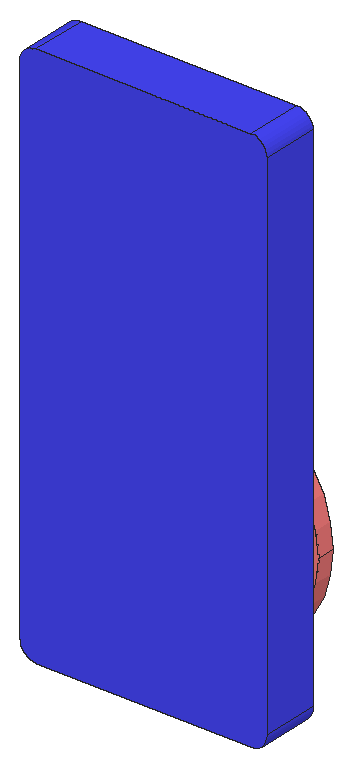
Revit family "Building-IEC309Connections-GEWISS-67IB-INTERLOCKED-SOCKET-OUTLETS_IP67_WITHOUT_BOTTOM_MOD", category Apparecchi elettrici, host Muro, Revit 2016 (continued)
Definition of nested family "2D - IB PRESE INTERBLOC VERT IP67"
  Lines and regions (mm)
    model lines, in view "Livello rif."
      curve 264: line (1.435, 152.758, 0) -> (-0.604, 152.294, 0)
      curve 265: line (-0.604, 152.294, 0) -> (1.43, 151.875, 0)
      curve 266: line (1.43, 151.875, 0) -> (1.426, 151.046, 0)
      curve 267: line (1.426, 151.046, 0) -> (-0.834, 150.531, 0)
      curve 268: line (-0.834, 150.531, 0) -> (-0.839, 149.641, 0)
      curve 269: line (0.632, 148.911, 0) -> (0.286, 148.913, 0)
      curve 270: line (0.286, 148.913, 0) -> (0.294, 150.342, 0)
      curve 271: line (0.294, 150.342, 0) -> (-0.489, 150.346, 0)
      curve 272: line (-0.489, 150.346, 0) -> (-0.497, 148.917, 0)
      curve 273: line (-0.497, 148.917, 0) -> (-0.843, 148.919, 0)
      curve 274: line (-0.843, 148.919, 0) -> (-0.841, 149.295, 0)
      curve 275: line (-0.841, 149.295, 0) -> (-1.623, 149.299, 0)
      curve 276: line (-1.623, 149.299, 0) -> (-1.63, 148.065, 0)
      curve 277: line (-1.63, 148.065, 0) -> (1.41, 148.049, 0)
      curve 278: line (1.41, 148.049, 0) -> (1.422, 150.336, 0)
      curve 279: line (1.422, 150.336, 0) -> (0.64, 150.34, 0)
      curve 280: line (0.64, 150.34, 0) -> (0.632, 148.911, 0)
      curve 281: line (-1.636, 146.945, 0) -> (-1.631, 147.719, 0)
      curve 282: line (-1.631, 147.719, 0) -> (-0.849, 147.715, 0)
      curve 283: line (-0.849, 147.715, 0) -> (-0.856, 146.511, 0)
      curve 284: line (-0.856, 146.511, 0) -> (0.619, 146.503, 0)
      curve 285: line (0.619, 146.503, 0) -> (0.621, 146.849, 0)
      curve 286: line (0.621, 146.849, 0) -> (-0.508, 146.855, 0)
      curve 287: line (-0.508, 146.855, 0) -> (-0.503, 147.713, 0)
      curve 288: line (-0.503, 147.713, 0) -> (1.408, 147.703, 0)
      curve 289: line (1.408, 147.703, 0) -> (1.404, 146.934, 0)
      curve 290: line (1.443, 154.293, 0) -> (1.447, 155.075, 0)
      curve 291: line (1.447, 155.075, 0) -> (-0.463, 155.086, 0)
      curve 292: line (-0.463, 155.086, 0) -> (-0.468, 154.303, 0)
      curve 293: line (-0.468, 154.303, 0) -> (1.443, 154.293, 0)
Types (18, lengths in mm): name | Tipo Simbolo | Technical sheet | Reference h | Rated voltage: | Rated voltage | Rated current (In) | Rated current (A) | Presa | Potenza | Numero poli | Number of poles | No. of poles | Modello | Immagine tipo | IDT | EAN code | Descrizione | Colour: | Colour
  GW66151N - 2P+E16A110V V.INT.SOCK.O.NB.4H MT60 IP67 | PRESAINDSTAGNA : 2P | "https://www.gewiss.com/ww/en/search?q=GW66151N" | "4" | "100 - 130 V" | "100 - 130 V" | "16" | "16" | GEWISS - GIALLO | 110 V | 2 | "2P+E" | "2P+E" | "GW66151N" | GW66151N.jpg | "280c487e-d6da-43be-8d9a-56c276f510c0" | "8011564740969" | "2P+E16A110V V.INT.SOCK.O.NB.4H MT60 IP67" | "Yellow" | "Yellow"
  GW66152N - 3P+E16A110V V.INT.SOCK.O.NB.4H MT60 IP67 | PRESAINDSTAGNA : 3P | "https://www.gewiss.com/ww/en/search?q=GW66152N" | "4" | "100 - 130 V" | "100 - 130 V" | "16" | "16" | GEWISS - GIALLO | 110 V | 3 | "3P+E" | "3P+E" | "GW66152N" | GW66151N.jpg | "0375e067-b854-4ca7-bb5d-b574e398fb1a" | "8011564740976" | "3P+E16A110V V.INT.SOCK.O.NB.4H MT60 IP67" | "Yellow" | "Yellow"
  GW66153N - 3P+N+E16A110V V.IN.SOC.O.NB.4H MT60 IP67 | PRESAINDSTAGNA : 3P | "https://www.gewiss.com/ww/en/search?q=GW66153N" | "4" | "100 - 130 V" | "100 - 130 V" | "16" | "16" | GEWISS - GIALLO | 110 V | 3 | "3P+N+E" | "3P+N+E" | "GW66153N" | GW66151N.jpg | "c15b39f4-96c4-48e8-b21e-d1e8542cf272" | "8011564740983" | "3P+N+E16A110V V.IN.SOC.O.NB.4H MT60 IP67" | "Yellow" | "Yellow"
  GW66154N - 2P+E16A230V V.INT.SOCK.O.NB.6H MT60 IP67 | PRESAINDSTAGNA : 2P | "https://www.gewiss.com/ww/en/search?q=GW66154N" | "6" | "200 - 250 V" | "200 - 250 V" | "16" | "16" | GEWISS -BLU | 230 V | 2 | "2P+E" | "2P+E" | "GW66154N" | GW66154N.jpg | "125d9dcb-f4de-4703-a0ef-dd9d8cea76e1" | "8011564740990" | "2P+E16A230V V.INT.SOCK.O.NB.6H MT60 IP67" | "Blue" | "Blue"
  GW66155N - 3P+E16A230V V.INT.SOCK.O.NB.9H MT60 IP67 | PRESAINDSTAGNA : 3P | "https://www.gewiss.com/ww/en/search?q=GW66155N" | "9" | "200 - 250 V" | "200 - 250 V" | "16" | "16" | GEWISS -BLU | 230 V | 3 | "3P+E" | "3P+E" | "GW66155N" | GW66154N.jpg | "6b489335-d57d-4482-97ce-f00b502849de" | "8011564741003" | "3P+E16A230V V.INT.SOCK.O.NB.9H MT60 IP67" | "Blue" | "Blue"
  GW66156N - 3P+N+E16A230V V.IN.SOC.O.NB.9H MT60 IP67 | PRESAINDSTAGNA : 3P | "https://www.gewiss.com/ww/en/search?q=GW66156N" | "9" | "200 - 250 V" | "200 - 250 V" | "16" | "16" | GEWISS -BLU | 230 V | 3 | "3P+N+E" | "3P+N+E" | "GW66156N" | GW66154N.jpg | "88ff29fb-67ff-4301-a8ce-8147a9386706" | "8011564741010" | "3P+N+E16A230V V.IN.SOC.O.NB.9H MT60 IP67" | "Blue" | "Blue"
  GW66157N - 2P+E16A400V V.INT.SOCK.O.NB.9H MT60 IP67 | PRESAINDSTAGNA : 2P | "https://www.gewiss.com/ww/en/search?q=GW66157N" | "9" | "380 - 415 V" | "380 - 415 V" | "16" | "16" | GW - ROSSO | 400 V | 2 | "2P+E" | "2P+E" | "GW66157N" | GW66157N.jpg | "1713826b-0331-42f6-977d-3b1ad764ad4b" | "8011564741027" | "2P+E16A400V V.INT.SOCK.O.NB.9H MT60 IP67" | "Red" | "Red"
  GW66158N - 3P+E16A400V V.INT.SOCK.O.NB.6H MT60 IP67 | PRESAINDSTAGNA : 3P | "https://www.gewiss.com/ww/en/search?q=GW66158N" | "6" | "380 - 415 V" | "380 - 415 V" | "16" | "16" | GW - ROSSO | 400 V | 3 | "3P+E" | "3P+E" | "GW66158N" | GW66157N.jpg | "e71b0447-933b-44fe-b03b-9d02754213eb" | "8011564741034" | "3P+E16A400V V.INT.SOCK.O.NB.6H MT60 IP67" | "Red" | "Red"
  GW66159N - 3P+N+E16A400V V.IN.SOC.O.NB.6H MT60 IP67 | PRESAINDSTAGNA : 3P | "https://www.gewiss.com/ww/en/search?q=GW66159N" | "6" | "380 - 415 V" | "380 - 415 V" | "16" | "16" | GW - ROSSO | 400 V | 3 | "3P+N+E" | "3P+N+E" | "GW66159N" | GW66157N.jpg | "baf39f31-28a4-4099-8de4-750e6066bad7" | "8011564741041" | "3P+N+E16A400V V.IN.SOC.O.NB.6H MT60 IP67" | "Red" | "Red"
  GW66162N - 2P+E32A110V V.INT.SOCK.O.NB.4H MT60 IP67 | PRESAINDSTAGNA : 2P | "https://www.gewiss.com/ww/en/search?q=GW66162N" | "4" | "100 - 130 V" | "100 - 130 V" | "32" | "32" | GEWISS - GIALLO | 110 V | 2 | "3P+E" | "2P+E" | "GW66162N" | GW66151N.jpg | "504639eb-1ebc-4a00-927b-c21b63c6beda" | "8011564741058" | "2P+E32A110V V.INT.SOCK.O.NB.4H MT60 IP67" | "Yellow" | "Yellow"
  GW66163N - 3P+E32A110V V.INT.SOCK.O.NB.4H MT60 IP67 | PRESAINDSTAGNA : 3P | "https://www.gewiss.com/ww/en/search?q=GW66163N" | "4" | "100 - 130 V" | "100 - 130 V" | "32" | "32" | GEWISS - GIALLO | 110 V | 3 | "3P+N+E" | "3P+E" | "GW66163N" | GW66151N.jpg | "1b005a83-67f6-458a-bb24-ad9c4aedddfb" | "8011564741065" | "3P+E32A110V V.INT.SOCK.O.NB.4H MT60 IP67" | "Yellow" | "Yellow"
  GW66164N - 3P+N+E32A110V V.IN.SOC.O.NB.4H MT60 IP67 | PRESAINDSTAGNA : 3P | "https://www.gewiss.com/ww/en/search?q=GW66164N" | "4" | "100 - 130 V" | "100 - 130 V" | "32" | "32" | GEWISS - GIALLO | 110 V | 3 | "2P+E" | "3P+N+E" | "GW66164N" | GW66151N.jpg | "32073e2c-cb5d-450e-961b-e6b2e9a93a57" | "8011564741072" | "3P+N+E32A110V V.IN.SOC.O.NB.4H MT60 IP67" | "Yellow" | "Yellow"
  GW66165N - 2P+E32A230V V.INT.SOCK.O.NB.6H MT60 IP67 | PRESAINDSTAGNA : 2P | "https://www.gewiss.com/ww/en/search?q=GW66165N" | "6" | "200 - 250 V" | "200 - 250 V" | "32" | "32" | GEWISS -BLU | 230 V | 2 | "3P+E" | "2P+E" | "GW66165N" | GW66154N.jpg | "a640460b-f246-43fa-9dcf-695a4f90914c" | "8011564741089" | "2P+E32A230V V.INT.SOCK.O.NB.6H MT60 IP67" | "Blue" | "Blue"
  GW66166N - 3P+E32A230V V.INT.SOCK.O.NB.9H MT60 IP67 | PRESAINDSTAGNA : 3P | "https://www.gewiss.com/ww/en/search?q=GW66166N" | "9" | "200 - 250 V" | "200 - 250 V" | "32" | "32" | GEWISS -BLU | 230 V | 3 | "3P+N+E" | "3P+E" | "GW66166N" | GW66154N.jpg | "f4311082-624e-43ea-aaed-8ec6cd391ee0" | "8011564741096" | "3P+E32A230V V.INT.SOCK.O.NB.9H MT60 IP67" | "Blue" | "Blue"
  GW66167N - 3P+N+E32A230V V.IN.SOC.O.NB.9H MT60 IP67 | PRESAINDSTAGNA : 3P | "https://www.gewiss.com/ww/en/search?q=GW66167N" | "9" | "200 - 250 V" | "200 - 250 V" | "32" | "32" | GEWISS -BLU | 230 V | 3 | "2P+E" | "3P+N+E" | "GW66167N" | GW66154N.jpg | "f073d92a-cce3-49a6-b3ff-ae31262cd0bc" | "8011564741102" | "3P+N+E32A230V V.IN.SOC.O.NB.9H MT60 IP67" | "Blue" | "Blue"
  GW66168N - 2P+E32A400V V.INT.SOCK.O.NB.9H MT60 IP67 | PRESAINDSTAGNA : 2P | "https://www.gewiss.com/ww/en/search?q=GW66168N" | "9" | "380 - 415 V" | "380 - 415 V" | "32" | "32" | GW - ROSSO | 400 V | 2 | "3P+E" | "2P+E" | "GW66168N" | GW66157N.jpg | "fba403d5-28f3-4002-b340-79907503e491" | "8011564741119" | "2P+E32A400V V.INT.SOCK.O.NB.9H MT60 IP67" | "Red" | "Red"
  GW66169N - 3P+E32A400V V.INT.SOCK.O.NB.6H MT60 IP67 | PRESAINDSTAGNA : 3P | "https://www.gewiss.com/ww/en/search?q=GW66169N" | "6" | "380 - 415 V" | "380 - 415 V" | "32" | "32" | GW - ROSSO | 400 V | 3 | "3P+N+E" | "3P+E" | "GW66169N" | GW66157N.jpg | "c75e6b8a-43b1-499e-b90e-15541d11c266" | "8011564741126" | "3P+E32A400V V.INT.SOCK.O.NB.6H MT60 IP67" | "Red" | "Red"
  GW66170N - 3P+N+E32A400V V.IN.SOC.O.NB.6H MT60 IP67 | PRESAINDSTAGNA : 3P | "https://www.gewiss.com/ww/en/search?q=GW66170N" | "6" | "380 - 415 V" | "380 - 415 V" | "32" | "32" | GW - ROSSO | 400 V | 3 | "2P+E" | "3P+N+E" | "GW66170N" | GW66157N.jpg | "a7f1347e-7fe6-401d-a8af-d935eaffb75e" | "8011564741133" | "3P+N+E32A400V V.IN.SOC.O.NB.6H MT60 IP67" | "Red" | "Red"
